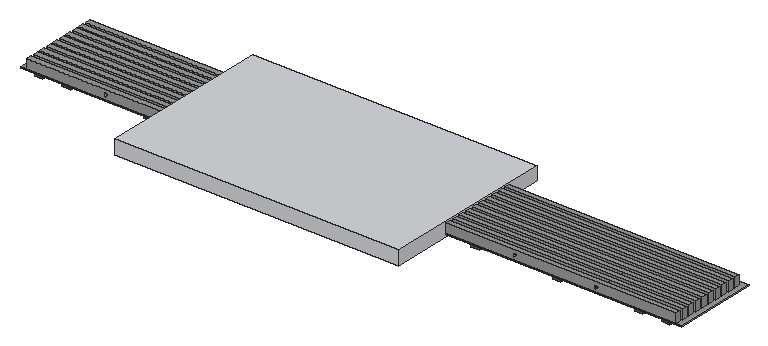
Revit family "1412-10, Solid", category Generic Models, host Face, Revit 2020
Family settings
  Host = Face
  Can host rebar = No
  Round Connector Dimension = Use Diameter
  Part Type = Normal
  Cut with Voids When Loaded = No
  Shared = No
  Room Calculation Point = No
Parameters
  min_value [instance] = 2' - 4"  # constant formula
  max_value [instance] = 11' - 11 1/4"  # constant formula
  actual_value [instance] = if(NET LENGTH < min_value, min_value, if(NET LENGTH > max_value, max_value, NET LENGTH))  # 7' - 11 1/4"
  SCRIM MATERIAL [instance] = SCRIM
  SCRIM APPEARANCE [instance] = yes
  NET LENGTH [instance] = 7' - 11 1/4"
  IMPORTANT NOTE!!!                                                                             *Backer & dowel layout is for visualization purposes only, final layout to be determined by 9Wood. [instance] = ""
  Default Elevation = 4' - 0"
  DOWEL RADIUS [instance] = 0' - 0 1/4"  # constant formula
  BACKER & DOWEL MATERIAL [instance] = BLACK-BACKERS
  .. MEMBER WIDTH [instance] = 0' - 0 3/4"  # constant formula
  .. MEMBER MATERIAL [instance] = Solid Western Hemlock
  .. MEMBER DEPTH [instance] = 0' - 1 3/8"  # constant formula
  .. MEMBER COUNT [instance] = 10  # constant formula
Reference planes (in)
  plane 1 "Center (Front/Back)": y = 0
  plane 2: z = 0
  plane 3 "Center (Left/Right)": x = 0
Forms (in)
  Extrusion 1, solid
    sketch origin (0, 0, 0) x (1, 0, 0) y (0, 1, 0)
      loop
        line (-24.24823, 14.63962) -> (-24.24823, -10.69266) -> (17.36192, -10.69266) -> (17.36192, 14.63962) -> (-24.24823, 14.63962)
    from 0 to 2.0625
Dimensions and locks (in)
  aligned and locked: plane 2 to Extrusion 1
Nested families (in)
  nested 1: "1400 series" at (-44.01308, -2.1224, 0.00189), NET LENGTH <- "actual_value", .. MEMBER DEPTH <- ".. MEMBER DEPTH", .. MEMBER WIDTH <- ".. MEMBER WIDTH", DOWEL RADIUS <- "DOWEL RADIUS", BACKER & DOWEL MATERIAL <- "BACKER & DOWEL MATERIAL", .. MEMBER MATERIAL <- ".. MEMBER MATERIAL", SCRIM MATERIAL <- "SCRIM MATERIAL", MEMBER COUNT <- ".. MEMBER COUNT", SCRIM APPEARANCE <- "SCRIM APPEARANCE", type "1400 series"
    with X 7' - 8", SCRIM MATERIAL SCRIM, SCRIM LENGTH 8' - 1", SCRIM APPEARANCE yes, SCRIM 2 0' - 0 7/8", SCRIM 1 0' - 0 3/32", OC TYP 1' - 0", NET LENGTH 7' - 11 1/4", N 8, MEMBER COUNT 10, INSET 2 0' - 0 3/16", INSET 0' - 1", HALF MEMBER WIDTH 0' - 0 3/8", END BACKER yes, DOWEL RADIUS 0' - 0 1/4", DOWEL INDEX 0' - 11 5/8", DOWEL COUNT 7, BACKING M COUNT 8, BACKER WIDTH 0' - 1 1/4", BACKER INDEX 0' - 5 5/8", BACKER DEPTH 0' - 0 1/2", BACKER & DOWEL MATERIAL BLACK-BACKERS, BACKER &  DOWEL LENGTH 0' - 11 7/8", .. MEMBER WIDTH 0' - 0 3/4", .. MEMBER OC TYP 0' - 1.2", .. MEMBER MATERIAL Solid Western Hemlock, .. MEMBER DEPTH 0' - 1 3/8"
Definition of nested family "1400 series"
  Parameters (values of type "1400 series")
    X [instance] = NET LENGTH - 0' 3 1/4"  # 7' - 2"
    SCRIM MATERIAL [instance] = none
    SCRIM APPEARANCE [instance] = yes
    SCRIM 2 [instance] = 0' - 0 7/8"  # constant formula
    SCRIM 1 [instance] = 0' - 0 3/32"  # constant formula
    OC TYP [instance] = 1' - 0"  # constant formula
    N [instance] = if((X - (rounddown(X / 1' 0") * 1' 0")) > 1' 0", rounddown(X / 1' 0") + 2, rounddown(X / 1' 0") + 1)  # 8
    MEMBER COUNT [instance] = 2
    INSET 5 = 0' - 0 11/16"  # constant formula
    INSET 2 [instance] = 0' - 0 3/16"  # constant formula
    INSET [instance] = 0' - 1"  # constant formula
    END BACKER [instance] = BACKER INDEX > 0' 3 5/8"  # no
    HALF MEMBER WIDTH [instance] = .. MEMBER WIDTH / 2  # 0' - 1 1/8"
    Default Elevation = 0' - 0"
    DOWEL RADIUS [instance] = 0' - 0 1/4"
    DOWEL INDEX [instance] = BACKER INDEX + 0' 6"  # 0' - 8 5/8"
    DOWEL COUNT [instance] = N - 1  # 7
    BACKER WIDTH [instance] = 0' - 1 1/4"  # constant formula
    BACKER INDEX [instance] = (NET LENGTH - ((N - 1) * 1' 0")) / 2  # 0' - 2 5/8"
    BACKER DEPTH [instance] = 0' - 0 1/2"  # constant formula
    BACKING M COUNT [instance] = N  # 8
    BACKER & DOWEL MATERIAL [instance] = none
    BACKER &  DOWEL LENGTH [instance] = 0' - 11 7/8"  # constant formula
    SCRIM LENGTH [instance] = NET LENGTH + (SCRIM 2 * 2)  # 7' - 7"
    .. MEMBER WIDTH [instance] = 0' - 2 1/4"
    .. MEMBER OC TYP [instance] = 1' 0" / MEMBER COUNT  # 0' - 6"
    .. MEMBER MATERIAL [instance] = none
    NET LENGTH [instance] = 7' - 5 1/4"
    .. MEMBER DEPTH [instance] = 0' - 4"
  Reference planes (in)
    plane 1 "Center (Front/Back)": y = 0
    plane 2: z = 0
    plane 3 "Center (Left/Right)": x = 0
    plane 4: x = 89.25
    plane 5: x = 1
    plane 6: x = 88.25
    plane 7: x = 2.625
    plane 8: x = 8.625
    plane 9: x = 14.625
    plane 10: x = 20.625
    plane 11: y = 0.1875
    plane 12: y = 1.125
    plane 13: y = 7.125
    plane 14: y = 12.0625
    plane 15: x = 90.125
    plane 16: x = -0.875
    plane 17: y = 12.15625
    plane 18: y = -0.09375
    plane 19: z = 2.7097
    plane 20: z = 0.49811
    plane 21: z = 0.56061
    plane 22: z = 1.24811
  Lines and regions (in)
    model lines, not visible
      curve 1: line (8.625, 0, 0.99811) -> (8.625, 0, 1.49811)
      curve 2: line (8.625, 0, 1.49811) -> (8.375, 0, 1.24811)
      curve 3: line (8.375, 0, 1.24811) -> (8.875, 0, 1.24811)
      curve 4: line (20.625, 0, 0.99811) -> (20.625, 0, 1.49811)
      curve 5: line (20.625, 0, 1.49811) -> (20.375, 0, 1.24811)
      curve 6: line (20.375, 0, 1.24811) -> (20.875, 0, 1.24811)
      curve 7: line (32.625, 0, 0.99811) -> (32.625, 0, 1.49811)
      curve 8: line (32.625, 0, 1.49811) -> (32.375, 0, 1.24811)
      curve 9: line (32.375, 0, 1.24811) -> (32.875, 0, 1.24811)
      curve 10: line (44.625, 0, 0.99811) -> (44.625, 0, 1.49811)
      curve 11: line (44.625, 0, 1.49811) -> (44.375, 0, 1.24811)
      curve 12: line (44.375, 0, 1.24811) -> (44.875, 0, 1.24811)
      curve 13: line (56.625, 0, 0.99811) -> (56.625, 0, 1.49811)
      curve 14: line (56.625, 0, 1.49811) -> (56.375, 0, 1.24811)
      curve 15: line (56.375, 0, 1.24811) -> (56.875, 0, 1.24811)
      curve 16: line (68.625, 0, 0.99811) -> (68.625, 0, 1.49811)
      curve 17: line (68.625, 0, 1.49811) -> (68.375, 0, 1.24811)
      curve 18: line (68.375, 0, 1.24811) -> (68.875, 0, 1.24811)
      curve 19: line (80.625, 0, 0.99811) -> (80.625, 0, 1.49811)
      curve 20: line (80.625, 0, 1.49811) -> (80.375, 0, 1.24811)
      curve 21: line (80.375, 0, 1.24811) -> (80.875, 0, 1.24811)
  Dimensions and locks (in)
    "INSET": plane 3 "Center (Left/Right)" to plane 5
    "NET LENGTH": plane 3 "Center (Left/Right)" to plane 4
    "INSET": plane 6 to plane 4
    "BACKER INDEX": plane 3 "Center (Left/Right)" to plane 7
    "DOWEL INDEX": plane 3 "Center (Left/Right)" to plane 8
    "OC TYP": plane 7 to plane 9
    "OC TYP": plane 8 to plane 10
    "INSET 2": plane 1 "Center (Front/Back)" to plane 11
    equal spacing: group 1, group 2, group 5, group 6, group 7, group 13, group 14, group 16  (x3)
    equal spacing: group 3, group 4, group 8, group 9, group 10, group 15, group 17  (x3)
    group 11 to group 12 = 0' - 0"  (x2)
    group 11 to group 12 = 0' - 6"
    ".. MEMBER OC TYP": plane 13 to plane 12
    "HALF MEMBER WIDTH": plane 1 "Center (Front/Back)" to plane 12
    "SCRIM 2": plane 16 to plane 3 "Center (Left/Right)"
    "SCRIM 2": plane 4 to plane 15
    "SCRIM 1": plane 18 to plane 1 "Center (Front/Back)"
    "SCRIM 1": plane 17 to plane 14
    "INSET 5": plane 22 to plane 21
    aligned and locked: level to plane 2
    aligned and locked: plane 7 to nested 2
    aligned and locked: plane 5 to nested 1
    aligned and locked: plane 9 to nested 3
    aligned and locked: nested 1 to plane 5
    aligned and locked: nested 2 to plane 11
    aligned and locked: nested 1 to plane 11
    aligned and locked: nested 3 to plane 11
    aligned and locked: nested 4 to plane 11  (x2)
    aligned and locked: plane 10 to nested 5
    aligned and locked: plane 6 to nested 12
    aligned and locked: nested 5 to plane 11
    aligned and locked: plane 11 to nested 12
    aligned and locked: plane 12 to nested 13
    aligned and locked: nested 14 to plane 13
    aligned and locked: plane 14 to nested 8
    aligned and locked: plane 16 to nested 15
    aligned and locked: nested 15 to plane 18
    aligned and locked: nested 15 to plane 17
    aligned and locked: nested 15 to plane 16  (x2)
    aligned and locked: nested 1 to level
    aligned and locked: level to nested 3
    aligned and locked: plane 20 to nested 2
    aligned and locked: plane 20 to nested 1
    aligned and locked: plane 20 to nested 3
    aligned and locked: nested 12 to plane 20
    aligned and locked: nested 15 to plane 20
    aligned and locked: plane 21 to nested 15
    aligned and locked: nested 13 to plane 21
    aligned and locked: plane 22 to nested 4
    aligned and locked: plane 22 to nested 5
    aligned and locked: nested 13 to plane 8
    aligned and locked: plane 10 to nested 13
    aligned and locked: curve 1 to nested 13
    aligned and locked: nested 13 to curve 4
  Automatic sketch dimensions
    curve 3 to curve 1 = 0' - 0 1/4"  (x2)
    curve 1 to curve 3 = 0' - 0 1/4"
    curve 1 to curve 2 = 0' - 0 1/4"
    curve 6 to curve 4 = 0' - 0 1/4"  (x2)
    curve 4 to curve 6 = 0' - 0 1/4"
    curve 4 to curve 5 = 0' - 0 1/4"
    curve 9 to curve 7 = 0' - 0 1/4"  (x2)
    curve 7 to curve 9 = 0' - 0 1/4"
    curve 7 to curve 8 = 0' - 0 1/4"
    curve 12 to curve 10 = 0' - 0 1/4"  (x2)
    curve 10 to curve 12 = 0' - 0 1/4"
    curve 10 to curve 11 = 0' - 0 1/4"
    curve 15 to curve 13 = 0' - 0 1/4"  (x2)
    curve 13 to curve 15 = 0' - 0 1/4"
    curve 13 to curve 14 = 0' - 0 1/4"
    curve 18 to curve 16 = 0' - 0 1/4"  (x2)
    curve 16 to curve 18 = 0' - 0 1/4"
    curve 16 to curve 17 = 0' - 0 1/4"
    curve 21 to curve 19 = 0' - 0 1/4"  (x2)
    curve 19 to curve 21 = 0' - 0 1/4"
    curve 19 to curve 20 = 0' - 0 1/4"
  Nested families (in)
    nested 1: "INSTANCE - 3RD -  EXTEND BOTH SIDES - Parametric Cube.0001" at (1, 0.1875, 0.49811), Length <- "BACKER &  DOWEL LENGTH", Width <- "BACKER WIDTH", Height <- "BACKER DEPTH", Material <- "BACKER & DOWEL MATERIAL", visible <- "END BACKER", type "INSTANCE - 3RD -  EXTEND BOTH SIDES - Parametric Cube.0001"
      with Width 0' - 1 1/4", Material none, Length 0' - 11 7/8", Height 0' - 0 1/2"
    nested 2: "INSTANCE - 2ND -  EXTEND SIDE H CENTER W - Parametric Cube.0001" at (2.625, 0.1875, 0.49811), Width <- "BACKER WIDTH", Length <- "BACKER &  DOWEL LENGTH", Height <- "BACKER DEPTH", Material <- "BACKER & DOWEL MATERIAL", type "INSTANCE - 2ND -  EXTEND SIDE H CENTER W - Parametric Cube.0001"
      with Width 0' - 1 1/4", Material none, Length 0' - 11 7/8", Height 0' - 0 1/2"
    nested 3: "INSTANCE - 2ND -  EXTEND SIDE H CENTER W - Parametric Cube.0001" at (14.625, 0.1875, 0.49811), Width <- "BACKER WIDTH", Length <- "BACKER &  DOWEL LENGTH", Height <- "BACKER DEPTH", Material <- "BACKER & DOWEL MATERIAL", type "INSTANCE - 2ND -  EXTEND SIDE H CENTER W - Parametric Cube.0001"
      with Width 0' - 1 1/4", Material none, Length 0' - 11 7/8", Height 0' - 0 1/2"
    nested 4: "DOWEL" at (-1.375, 0.1875, 1.24811), DOWEL LENGTH <- "BACKER &  DOWEL LENGTH", DOWEL RADII <- "DOWEL RADIUS", BACKING MEM MATERIAL <- "BACKER & DOWEL MATERIAL", type "DOWEL"
      with DOWEL RADII 0' - 0 1/4", DOWEL LENGTH 0' - 11 7/8", BACKING MEM MATERIAL none
    nested 5: "DOWEL" at (10.625, 0.1875, 1.24811), DOWEL LENGTH <- "BACKER &  DOWEL LENGTH", DOWEL RADII <- "DOWEL RADIUS", BACKING MEM MATERIAL <- "BACKER & DOWEL MATERIAL", type "DOWEL"
      with DOWEL RADII 0' - 0 1/4", DOWEL LENGTH 0' - 11 7/8", BACKING MEM MATERIAL none
    nested 6: "INSTANCE - 2ND -  EXTEND SIDE H CENTER W - Parametric Cube.0001" at (26.625, 0.1875, 0.49811), Width <- "BACKER WIDTH", Length <- "BACKER &  DOWEL LENGTH", Height <- "BACKER DEPTH", Material <- "BACKER & DOWEL MATERIAL", type "INSTANCE - 2ND -  EXTEND SIDE H CENTER W - Parametric Cube.0001"
      with Width 0' - 1 1/4", Material none, Length 0' - 11 7/8", Height 0' - 0 1/2"
    nested 7: "INSTANCE - 2ND -  EXTEND SIDE H CENTER W - Parametric Cube.0001" at (38.625, 0.1875, 0.49811), Width <- "BACKER WIDTH", Length <- "BACKER &  DOWEL LENGTH", Height <- "BACKER DEPTH", Material <- "BACKER & DOWEL MATERIAL", type "INSTANCE - 2ND -  EXTEND SIDE H CENTER W - Parametric Cube.0001"
      with Width 0' - 1 1/4", Material none, Length 0' - 11 7/8", Height 0' - 0 1/2"
    nested 8: "INSTANCE - 2ND -  EXTEND SIDE H CENTER W - Parametric Cube.0001" at (50.625, 0.1875, 0.49811), Width <- "BACKER WIDTH", Length <- "BACKER &  DOWEL LENGTH", Height <- "BACKER DEPTH", Material <- "BACKER & DOWEL MATERIAL", type "INSTANCE - 2ND -  EXTEND SIDE H CENTER W - Parametric Cube.0001"
      with Width 0' - 1 1/4", Material none, Length 0' - 11 7/8", Height 0' - 0 1/2"
    nested 9: "DOWEL" at (22.625, 0.1875, 1.24811), DOWEL LENGTH <- "BACKER &  DOWEL LENGTH", DOWEL RADII <- "DOWEL RADIUS", BACKING MEM MATERIAL <- "BACKER & DOWEL MATERIAL", type "DOWEL"
      with DOWEL RADII 0' - 0 1/4", DOWEL LENGTH 0' - 11 7/8", BACKING MEM MATERIAL none
    nested 10: "DOWEL" at (34.625, 0.1875, 1.24811), DOWEL LENGTH <- "BACKER &  DOWEL LENGTH", DOWEL RADII <- "DOWEL RADIUS", BACKING MEM MATERIAL <- "BACKER & DOWEL MATERIAL", type "DOWEL"
      with DOWEL RADII 0' - 0 1/4", DOWEL LENGTH 0' - 11 7/8", BACKING MEM MATERIAL none
    nested 11: "DOWEL" at (46.625, 0.1875, 1.24811), DOWEL LENGTH <- "BACKER &  DOWEL LENGTH", DOWEL RADII <- "DOWEL RADIUS", BACKING MEM MATERIAL <- "BACKER & DOWEL MATERIAL", type "DOWEL"
      with DOWEL RADII 0' - 0 1/4", DOWEL LENGTH 0' - 11 7/8", BACKING MEM MATERIAL none
    nested 12: "INSTANCE - 3RD -  EXTEND BOTH SIDES - Parametric Cube.0001" at (88.25, 0.1875, 0.49811) x (-1, 0, 0) z (0, 0, 1), Width <- "BACKER WIDTH", Length <- "BACKER &  DOWEL LENGTH", Height <- "BACKER DEPTH", Material <- "BACKER & DOWEL MATERIAL", visible <- "END BACKER", type "INSTANCE - 3RD -  EXTEND BOTH SIDES - Parametric Cube.0001"
      with Width 0' - 1 1/4", Material none, Length 0' - 11 7/8", Height 0' - 0 1/2"
    nested 13: "HOLED MEMBER" at (0, -9.75, 8.12965), DOWEL INDEX <- "DOWEL INDEX", .. MEMBER LENGTH <- "NET LENGTH", .. MEMBER WIDTH <- ".. MEMBER WIDTH", DOWEL OC DIST <- "OC TYP", DOWEL RADII <- "DOWEL RADIUS", Material <- ".. MEMBER MATERIAL", DEPTH <- ".. MEMBER DEPTH", DOWEL COUNT <- "DOWEL COUNT", Space <- "INSET 5", type "HOLED MEMBER"
      with Space 0' - 0 11/16", Material none, Height 0' - 10.43096", HALF MEMBER WIDTH 0' - 1 1/8", DOWEL RADII 0' - 0 1/4", DOWEL OC DIST 1' - 0", DOWEL INDEX 0' - 8 5/8", DOWEL COUNT 7, DEPTH 0' - 4", .. MEMBER WIDTH 0' - 2 1/4", .. MEMBER LENGTH 7' - 5 1/4"
    nested 14: "HOLED MEMBER" at (0, -3.75, 8.12965), DOWEL INDEX <- "DOWEL INDEX", .. MEMBER LENGTH <- "NET LENGTH", .. MEMBER WIDTH <- ".. MEMBER WIDTH", DOWEL OC DIST <- "OC TYP", DOWEL RADII <- "DOWEL RADIUS", Material <- ".. MEMBER MATERIAL", DEPTH <- ".. MEMBER DEPTH", DOWEL COUNT <- "DOWEL COUNT", Space <- "INSET 5", type "HOLED MEMBER"
      with Space 0' - 0 11/16", Material none, Height 0' - 10.43096", HALF MEMBER WIDTH 0' - 1 1/8", DOWEL RADII 0' - 0 1/4", DOWEL OC DIST 1' - 0", DOWEL INDEX 0' - 8 5/8", DOWEL COUNT 7, DEPTH 0' - 4", .. MEMBER WIDTH 0' - 2 1/4", .. MEMBER LENGTH 7' - 5 1/4"
    nested 15: "INSTANCE - 3RD -  EXTEND BOTH SIDES - Parametric Cube.0001" at (-0.875, -0.09375, 0.56061), Width <- "SCRIM LENGTH", Material <- "SCRIM MATERIAL", visible <- "SCRIM APPEARANCE", type "INSTANCE - 3RD -  EXTEND BOTH SIDES - Parametric Cube.0001"
      with Width 7' - 7", Material none, Length 1' - 0 1/4", Height 0' - 0 1/16"
    nested 16: "INSTANCE - 2ND -  EXTEND SIDE H CENTER W - Parametric Cube.0001" at (62.625, 0.1875, 0.49811), Width <- "BACKER WIDTH", Length <- "BACKER &  DOWEL LENGTH", Height <- "BACKER DEPTH", Material <- "BACKER & DOWEL MATERIAL", type "INSTANCE - 2ND -  EXTEND SIDE H CENTER W - Parametric Cube.0001"
      with Width 0' - 1 1/4", Material none, Length 0' - 11 7/8", Height 0' - 0 1/2"
    nested 17: "INSTANCE - 2ND -  EXTEND SIDE H CENTER W - Parametric Cube.0001" at (74.625, 0.1875, 0.49811), Width <- "BACKER WIDTH", Length <- "BACKER &  DOWEL LENGTH", Height <- "BACKER DEPTH", Material <- "BACKER & DOWEL MATERIAL", type "INSTANCE - 2ND -  EXTEND SIDE H CENTER W - Parametric Cube.0001"
      with Width 0' - 1 1/4", Material none, Length 0' - 11 7/8", Height 0' - 0 1/2"
    nested 18: "DOWEL" at (58.625, 0.1875, 1.24811), DOWEL LENGTH <- "BACKER &  DOWEL LENGTH", DOWEL RADII <- "DOWEL RADIUS", BACKING MEM MATERIAL <- "BACKER & DOWEL MATERIAL", type "DOWEL"
      with DOWEL RADII 0' - 0 1/4", DOWEL LENGTH 0' - 11 7/8", BACKING MEM MATERIAL none
    nested 19: "INSTANCE - 2ND -  EXTEND SIDE H CENTER W - Parametric Cube.0001" at (86.625, 0.1875, 0.49811), Width <- "BACKER WIDTH", Length <- "BACKER &  DOWEL LENGTH", Height <- "BACKER DEPTH", Material <- "BACKER & DOWEL MATERIAL", type "INSTANCE - 2ND -  EXTEND SIDE H CENTER W - Parametric Cube.0001"
      with Width 0' - 1 1/4", Material none, Length 0' - 11 7/8", Height 0' - 0 1/2"
    nested 20: "DOWEL" at (70.625, 0.1875, 1.24811), DOWEL LENGTH <- "BACKER &  DOWEL LENGTH", DOWEL RADII <- "DOWEL RADIUS", BACKING MEM MATERIAL <- "BACKER & DOWEL MATERIAL", type "DOWEL"
      with DOWEL RADII 0' - 0 1/4", DOWEL LENGTH 0' - 11 7/8", BACKING MEM MATERIAL none
  Definition of nested family "INSTANCE - 3RD -  EXTEND BOTH SIDES - Parametric Cube.0001"
    Parameters (values of type "INSTANCE - 3RD -  EXTEND BOTH SIDES - Parametric Cube.0001")
      Width [instance] = 0' - 6"
      Material [instance] = none
      Length [instance] = 1' - 0"
      Height [instance] = 1' - 6"
      Default Elevation = 0' - 0"
    Reference planes (in)
      plane 1 "Center (Front/Back)": y = 0
      plane 2: z = 0
      plane 3 "Center (Left/Right)": x = 0
      plane 4: x = 6
      plane 5: y = 12
      plane 6: z = -18
    Forms (in)
      Extrusion 1, solid, material <- "Material"
        sketch origin (0, 6, 0) x (1, 0, 0) y (0, 1, 0)
          loop
            line (0, 6) -> (0, -6) -> (6, -6) -> (6, 6) -> (0, 6)
        from -18 to 0
    Dimensions and locks (in)
      "Height": plane 6 to level
      "Length": plane 1 "Center (Front/Back)" to plane 5
      "Width": plane 3 "Center (Left/Right)" to plane 4
      aligned and locked: plane 2 to level
      aligned and locked: Extrusion 1 sketch curve to plane 4
      aligned and locked: Extrusion 1 to plane 6
      aligned and locked: plane 5 to Extrusion 1
      aligned and locked: Extrusion 1 to plane 3 "Center (Left/Right)"
    Automatic sketch dimensions
      plane 1 "Center (Front/Back)" to Extrusion 1 sketch curve = 0' - 0"
      plane 5 to Extrusion 1 sketch curve = 0' - 0"
      Extrusion 1 sketch curve to plane 3 "Center (Left/Right)" = 0' - 0"
  Definition of nested family "INSTANCE - 2ND -  EXTEND SIDE H CENTER W - Parametric Cube.0001"
    Parameters (values of type "INSTANCE - 2ND -  EXTEND SIDE H CENTER W - Parametric Cube.0001")
      Width [instance] = 0' - 6"
      Material [instance] = none
      Length [instance] = 1' - 0"
      Height [instance] = 1' - 6"
      Default Elevation = 0' - 0"
    Reference planes (in)
      plane 1 "Center (Front/Back)": y = 0
      plane 2: z = 0
      plane 3 "Center (Left/Right)": x = 0
      plane 4: x = -3
      plane 5: x = 3
      plane 6: y = 12
      plane 7: z = -18
    Forms (in)
      Extrusion 1, solid, material <- "Material"
        sketch origin (0, 6, 0) x (1, 0, 0) y (0, 1, 0)
          loop
            line (-3, 6) -> (-3, -6) -> (3, -6) -> (3, 6) -> (-3, 6)
        from -18 to 0
    Dimensions and locks (in)
      equal spacing: plane 4, plane 3 "Center (Left/Right)", plane 5
      "Width": plane 4 to plane 5
      "Height": plane 7 to level
      "Length": plane 1 "Center (Front/Back)" to plane 6
      aligned and locked: plane 2 to level
      aligned and locked: plane 4 to Extrusion 1 sketch curve
      aligned and locked: Extrusion 1 sketch curve to plane 5
      aligned and locked: Extrusion 1 to plane 7
      aligned and locked: plane 6 to Extrusion 1
    Automatic sketch dimensions
      plane 1 "Center (Front/Back)" to Extrusion 1 sketch curve = 0' - 0"
      plane 6 to Extrusion 1 sketch curve = 0' - 0"
  Definition of nested family "DOWEL"
    Parameters (values of type "DOWEL")
      Default Elevation = 0' - 0"
      DOWEL RADII [instance] = 0' - 0 5/8"
      DOWEL LENGTH [instance] = 1' - 0"
      BACKING MEM MATERIAL [instance] = none
    Reference planes (in)
      plane 1 "Center (Front/Back)": y = 0
      plane 2: z = 0
      plane 3 "Center (Left/Right)": x = 0
      plane 4: y = 12
    Forms (in)
      Extrusion 1, solid, material <- "BACKING MEM MATERIAL"
        sketch origin (10, 0, 0) x (1, 0, 0) y (0, 0, 1)
          loop
            circle (0, 0) r 0.625
        from 0 to -12
      Extrusion 2, solid, not visible
        sketch origin (0, 0, 0) x (1, 0, 0) y (0, 0, 1)
          loop
            circle (0, 0) r 0.625
        from 0 to 12
      Extrusion 3, solid, not visible
        sketch origin (10, 0, 0) x (1, 0, 0) y (0, 0, 1)
          loop
            circle (0, 0) r 0.625
        from 0 to 2.5
      Extrusion 4, solid, not visible
        sketch origin (10, 0, 0) x (1, 0, 0) y (0, 0, 1)
          loop
            circle (0, 0) r 0.625
        from 0 to -12
    Lines and regions (in)
      model lines, not visible
        curve 1: line (-13, 0, 0) -> (-13, -12, 0)
        curve 2: line (13, 0, 0) -> (13, -12, 0)
        curve 3: line (9.89453, 0, 0) -> (10.08794, 0, 0)
        curve 4: line (9.89453, -2.5, 0) -> (10.08794, -2.5, 0)
        curve 6: line (10, 0, 0) -> (10, 2, 0)
      model lines
        curve 5: line (10, 0, 0) -> (10, 2, 0)
    Dimensions and locks (in)
      "DOWEL LENGTH": plane 1 "Center (Front/Back)" to plane 4
      "DOWEL RADII": radius of Extrusion 1 sketch curve
      "DOWEL RADII": radius of Extrusion 2 sketch curve
      "DOWEL RADII": radius of Extrusion 3 sketch curve
      "DOWEL RADII": radius of Extrusion 4 sketch curve
      "DOWEL RADII": radius of Extrusion 1
      aligned and locked: plane 2 to level
      aligned and locked: Extrusion 1 to plane 1 "Center (Front/Back)"  (x3)
      aligned and locked: plane 1 "Center (Front/Back)" to Extrusion 1
      aligned and locked: plane 4 to Extrusion 1
    Automatic sketch dimensions
      plane 1 "Center (Front/Back)" to curve 5 = 0' - 0"
      curve 5 to plane 1 "Center (Front/Back)" = 0' - 2"
      plane 3 "Center (Left/Right)" to curve 5 = 0' - 10"
      Extrusion 1 sketch curve to level = 0' - 0"
      plane 3 "Center (Left/Right)" to Extrusion 1 sketch curve = 0' - 10"
  Definition of nested family "HOLED MEMBER"
    Parameters (values of type "HOLED MEMBER")
      Space [instance] = 0' - 0 5/8"
      Material [instance] = none
      Height [instance] = 0' - 10.43096"
      HALF MEMBER WIDTH [instance] = .. MEMBER WIDTH / 2  # 0' - 0 5/16"
      Default Elevation = 0' - 0"
      DOWEL RADII [instance] = 0' - 0.34537"
      DOWEL OC DIST [instance] = 1' - 0"
      DOWEL INSET = 0' - 0 5/8"
      DOWEL INDEX [instance] = 0' - 5 5/8"
      DOWEL COUNT [instance] = 6
      DEPTH [instance] = 0' - 2"
      .. MEMBER WIDTH [instance] = 0' - 0 5/8"
      .. MEMBER LENGTH [instance] = 5' - 11 3/4"
    Reference planes (in)
      plane 1 "Center (Front/Back)": y = 12
      plane 2: z = -7.56904
      plane 3 "Center (Left/Right)": x = 0
      plane 4: x = 5.625
      plane 5: x = 17.625
      plane 6: y = 11.375
      plane 7: x = 71.75
      plane 8: y = 11.6875
      plane 9: z = -6.94404
      plane 10: z = -5.56904
    Forms (in)
      Extrusion 1, solid, material <- "Material"
        sketch origin (0, 12, -13.56904) x (1, 0, 0) y (0, 0, 1)
          loop
            line (0, 6) -> (71.75, 6) -> (71.75, 8) -> (0, 8) -> (0, 6)
        from 0.625 to 0
      Extrusion 2, void
        sketch origin (0, 12, -18.31904) x (1, 0, 0) y (0, 0, 1)
          loop
            circle (5.625, 11.375) r 0.34537
        from 0 to 12
      Extrusion 3, void, not visible
        sketch origin (0, 0, 0) x (1, 0, 0) y (0, 1, 0)
          loop
            circle (5.625, 11.375) r 0.34537
        from 0 to 12
      Extrusion 4, void, not visible
        sketch origin (0, 0, 0) x (1, 0, 0) y (0, 1, 0)
          loop
            circle (5.625, 11.375) r 0.34537
        from 0 to 12
      Extrusion 5, void, not visible
        sketch origin (12, 0, 0) x (1, 0, 0) y (0, 1, 0)
          loop
            circle (5.625, 11.375) r 0.34537
        from 0 to 12
      Extrusion 6, void, not visible
        sketch origin (0, 12, -17.56904) x (1, 0, 0) y (0, 0, 1)
          loop
            circle (5.625, 11.375) r 0.34537
        from 0 to 12
      Extrusion 7, void, not visible
        sketch origin (12, 12, -17.56904) x (1, 0, 0) y (0, 0, 1)
          loop
            circle (5.625, 11.375) r 0.34537
        from 0 to 12
      Extrusion 8, void, not visible
        sketch origin (0, 12, -19.56904) x (1, 0, 0) y (0, 0, 1)
          loop
            circle (5.625, 11.375) r 0.34537
        from 0 to 12
      Extrusion 9, void
        sketch origin (12, 12, -18.31904) x (1, 0, 0) y (0, 0, 1)
          loop
            circle (5.625, 11.375) r 0.34537
        from 0 to 12
      Extrusion 10, void
        sketch origin (24, 12, -18.31904) x (1, 0, 0) y (0, 0, 1)
          loop
            circle (5.625, 11.375) r 0.34537
        from 0 to 12
      Extrusion 11, void
        sketch origin (36, 12, -18.31904) x (1, 0, 0) y (0, 0, 1)
          loop
            circle (5.625, 11.375) r 0.34537
        from 0 to 12
      Extrusion 12, void
        sketch origin (48, 12, -18.31904) x (1, 0, 0) y (0, 0, 1)
          loop
            circle (5.625, 11.375) r 0.34537
        from 0 to 12
      Extrusion 13, void
        sketch origin (60, 12, -18.31904) x (1, 0, 0) y (0, 0, 1)
          loop
            circle (5.625, 11.375) r 0.34537
        from 0 to 12
      Extrusion 14, void, not visible
        sketch origin (24, 12, -17.56904) x (1, 0, 0) y (0, 0, 1)
          loop
            circle (5.625, 11.375) r 0.34537
        from 0 to 12
      Extrusion 15, void, not visible
        sketch origin (36, 12, -17.56904) x (1, 0, 0) y (0, 0, 1)
          loop
            circle (5.625, 11.375) r 0.34537
        from 0 to 12
      Extrusion 16, void, not visible
        sketch origin (48, 12, -17.56904) x (1, 0, 0) y (0, 0, 1)
          loop
            circle (5.625, 11.375) r 0.34537
        from 0 to 12
      Extrusion 17, void, not visible
        sketch origin (60, 12, -17.56904) x (1, 0, 0) y (0, 0, 1)
          loop
            circle (5.625, 11.375) r 0.34537
        from 0 to 12
      Extrusion 18, void, not visible
        sketch origin (24, 0, 0) x (1, 0, 0) y (0, 1, 0)
          loop
            circle (5.625, 11.375) r 0.34537
        from 0 to 12
      Extrusion 19, void, not visible
        sketch origin (36, 0, 0) x (1, 0, 0) y (0, 1, 0)
          loop
            circle (5.625, 11.375) r 0.34537
        from 0 to 12
      Extrusion 20, void, not visible
        sketch origin (48, 0, 0) x (1, 0, 0) y (0, 1, 0)
          loop
            circle (5.625, 11.375) r 0.34537
        from 0 to 12
      Extrusion 21, void, not visible
        sketch origin (60, 0, 0) x (1, 0, 0) y (0, 1, 0)
          loop
            circle (5.625, 11.375) r 0.34537
        from 0 to 12
    Cuts and joins
      Extrusion 2, Extrusion 9, Extrusion 10, Extrusion 11, Extrusion 12, Extrusion 13 cuts Extrusion 1
    Lines and regions (in)
      model lines, not visible
        curve 1: line (5.625, 11.72037, 0) -> (5.625, 11.02963, 0)
        curve 2: line (5.625, 11.72037, 0) -> (5.625, 11.02963, 0)
        curve 3: line (17.625, 11.72037, 0) -> (17.625, 11.02963, 0)
        curve 4: line (5.625, 12, -7.56904) -> (5.625, 11.87317, -7.56904)
        curve 5: line (5.625, 11.87317, -7.56904) -> (5.06195, 11.87317, -7.56904)
        curve 6: line (5.06195, 11.87317, -7.56904) -> (5.27963, 11.375, -7.56904)
        curve 7: line (0, 12, -6.19404) -> (0, 11.61951, -6.19404)
        curve 9: line (0, 11.375, -8.19404) -> (0, 11.6747, -8.19404)
        curve 10: line (5.625, 12, -7.56904) -> (5.625, 11.69863, -7.56904)
        curve 11: line (5.625, 12, -7.56904) -> (5.625, 11.69863, -7.56904)
        curve 12: line (5.625, 10.75, 0) -> (5.625, 10.75, 0.30137)
        curve 13: line (5.625, 10.75, 0) -> (5.625, 10.75, 0.30137)
        curve 14: line (17.625, 10.75, 0) -> (17.625, 10.75, 0.30137)
        curve 15: line (5.625, 12, -6.81904) -> (5.625, 11.69863, -6.81904)
        curve 16: line (17.625, 12, -6.81904) -> (17.625, 11.69863, -6.81904)
        curve 17: line (5.625, 12, -8.81904) -> (5.625, 11.69863, -8.81904)
        curve 18: line (17.625, 12, -7.56904) -> (17.625, 11.69863, -7.56904)
        curve 19: line (29.625, 12, -7.56904) -> (29.625, 11.69863, -7.56904)
        curve 20: line (41.625, 12, -7.56904) -> (41.625, 11.69863, -7.56904)
        curve 21: line (53.625, 12, -7.56904) -> (53.625, 11.69863, -7.56904)
        curve 22: line (65.625, 12, -7.56904) -> (65.625, 11.69863, -7.56904)
        curve 23: line (29.625, 12, -6.81904) -> (29.625, 11.69863, -6.81904)
        curve 24: line (41.625, 12, -6.81904) -> (41.625, 11.69863, -6.81904)
        curve 25: line (53.625, 12, -6.81904) -> (53.625, 11.69863, -6.81904)
        curve 26: line (65.625, 12, -6.81904) -> (65.625, 11.69863, -6.81904)
        curve 27: line (29.625, 11.72037, 0) -> (29.625, 11.02963, 0)
        curve 28: line (29.625, 10.75, 0) -> (29.625, 10.75, 0.30137)
        curve 29: line (41.625, 11.72037, 0) -> (41.625, 11.02963, 0)
        curve 30: line (41.625, 10.75, 0) -> (41.625, 10.75, 0.30137)
        curve 31: line (53.625, 11.72037, 0) -> (53.625, 11.02963, 0)
        curve 32: line (53.625, 10.75, 0) -> (53.625, 10.75, 0.30137)
        curve 33: line (65.625, 11.72037, 0) -> (65.625, 11.02963, 0)
        curve 34: line (65.625, 10.75, 0) -> (65.625, 10.75, 0.30137)
        curve 35: line (5.27963, 12, -6.94404) -> (5.97037, 12, -6.94404)
        curve 36: line (5.97037, 12, -6.94404) -> (5.625, 12, -6.59867)
        curve 37: line (5.625, 12, -6.59867) -> (5.625, 12, -7.28941)
        curve 38: line (5.27963, 11.375, 0) -> (5.97037, 11.375, 0)
        curve 39: line (5.97037, 11.375, 0) -> (5.625, 11.72037, 0)
        curve 40: line (5.625, 11.72037, 0) -> (5.625, 11.02963, 0)
        curve 41: line (5.27963, 11.375, 0) -> (5.97037, 11.375, 0)
        curve 42: line (5.97037, 11.375, 0) -> (5.625, 11.72037, 0)
        curve 43: line (5.625, 11.72037, 0) -> (5.625, 11.02963, 0)
        curve 44: line (17.27963, 11.375, 0) -> (17.97037, 11.375, 0)
        curve 45: line (17.97037, 11.375, 0) -> (17.625, 11.72037, 0)
        curve 46: line (17.625, 11.72037, 0) -> (17.625, 11.02963, 0)
        curve 47: line (5.27963, 12, -6.19404) -> (5.97037, 12, -6.19404)
        curve 48: line (5.97037, 12, -6.19404) -> (5.625, 12, -5.84867)
        curve 49: line (5.625, 12, -5.84867) -> (5.625, 12, -6.53941)
        curve 50: line (17.27963, 12, -6.19404) -> (17.97037, 12, -6.19404)
        curve 51: line (17.97037, 12, -6.19404) -> (17.625, 12, -5.84867)
        curve 52: line (17.625, 12, -5.84867) -> (17.625, 12, -6.53941)
        curve 53: line (5.27963, 12, -8.19404) -> (5.97037, 12, -8.19404)
        curve 54: line (5.97037, 12, -8.19404) -> (5.625, 12, -7.84867)
        curve 55: line (5.625, 12, -7.84867) -> (5.625, 12, -8.53941)
        curve 56: line (17.27963, 12, -6.94404) -> (17.97037, 12, -6.94404)
        curve 57: line (17.97037, 12, -6.94404) -> (17.625, 12, -6.59867)
        curve 58: line (17.625, 12, -6.59867) -> (17.625, 12, -7.28941)
        curve 59: line (29.27963, 12, -6.94404) -> (29.97037, 12, -6.94404)
        curve 60: line (29.97037, 12, -6.94404) -> (29.625, 12, -6.59867)
        curve 61: line (29.625, 12, -6.59867) -> (29.625, 12, -7.28941)
        curve 62: line (41.27963, 12, -6.94404) -> (41.97037, 12, -6.94404)
        curve 63: line (41.97037, 12, -6.94404) -> (41.625, 12, -6.59867)
        curve 64: line (41.625, 12, -6.59867) -> (41.625, 12, -7.28941)
        curve 65: line (53.27963, 12, -6.94404) -> (53.97037, 12, -6.94404)
        curve 66: line (53.97037, 12, -6.94404) -> (53.625, 12, -6.59867)
        curve 67: line (53.625, 12, -6.59867) -> (53.625, 12, -7.28941)
        curve 68: line (65.27963, 12, -6.94404) -> (65.97037, 12, -6.94404)
        curve 69: line (65.97037, 12, -6.94404) -> (65.625, 12, -6.59867)
        curve 70: line (65.625, 12, -6.59867) -> (65.625, 12, -7.28941)
        curve 71: line (29.27963, 12, -6.19404) -> (29.97037, 12, -6.19404)
        curve 72: line (29.97037, 12, -6.19404) -> (29.625, 12, -5.84867)
        curve 73: line (29.625, 12, -5.84867) -> (29.625, 12, -6.53941)
        curve 74: line (41.27963, 12, -6.19404) -> (41.97037, 12, -6.19404)
        curve 75: line (41.97037, 12, -6.19404) -> (41.625, 12, -5.84867)
        curve 76: line (41.625, 12, -5.84867) -> (41.625, 12, -6.53941)
        curve 77: line (53.27963, 12, -6.19404) -> (53.97037, 12, -6.19404)
        curve 78: line (53.97037, 12, -6.19404) -> (53.625, 12, -5.84867)
        curve 79: line (53.625, 12, -5.84867) -> (53.625, 12, -6.53941)
        curve 80: line (65.27963, 12, -6.19404) -> (65.97037, 12, -6.19404)
        curve 81: line (65.97037, 12, -6.19404) -> (65.625, 12, -5.84867)
        curve 82: line (65.625, 12, -5.84867) -> (65.625, 12, -6.53941)
        curve 83: line (29.27963, 11.375, 0) -> (29.97037, 11.375, 0)
        curve 84: line (29.97037, 11.375, 0) -> (29.625, 11.72037, 0)
        curve 85: line (29.625, 11.72037, 0) -> (29.625, 11.02963, 0)
        curve 86: line (41.27963, 11.375, 0) -> (41.97037, 11.375, 0)
        curve 87: line (41.97037, 11.375, 0) -> (41.625, 11.72037, 0)
        curve 88: line (41.625, 11.72037, 0) -> (41.625, 11.02963, 0)
        curve 89: line (53.27963, 11.375, 0) -> (53.97037, 11.375, 0)
        curve 90: line (53.97037, 11.375, 0) -> (53.625, 11.72037, 0)
        curve 91: line (53.625, 11.72037, 0) -> (53.625, 11.02963, 0)
        curve 92: line (65.27963, 11.375, 0) -> (65.97037, 11.375, 0)
        curve 93: line (65.97037, 11.375, 0) -> (65.625, 11.72037, 0)
        curve 94: line (65.625, 11.72037, 0) -> (65.625, 11.02963, 0)
      model lines
        curve 8: line (5.625, 12, -7.56904) -> (5.625, 11.69863, -7.56904)
    Dimensions and locks (in)
      "DOWEL INDEX": plane 3 "Center (Left/Right)" to plane 4
      "DOWEL OC DIST": plane 4 to plane 5
      ".. MEMBER LENGTH": plane 3 "Center (Left/Right)" to plane 7
      equal spacing: group 3, group 4, group 21, group 22, group 23, group 24  (x3)
      equal spacing: group 7, group 8, group 17, group 18, group 19, group 20  (x3)
      ".. MEMBER WIDTH": plane 6 to plane 1 "Center (Front/Back)"
      "HALF MEMBER WIDTH": plane 8 to plane 1 "Center (Front/Back)"
      equal spacing: group 1, group 12, group 13, group 14, group 15, group 16  (x2)
      equal spacing: group 16, group 15, group 14, group 13, group 12, group 1
      "DEPTH": plane 10 to level
      "Space": plane 9 to level
      "DOWEL RADII": radius of Extrusion 2 sketch curve
      "DOWEL RADII": radius of Extrusion 3 sketch curve
      "DOWEL RADII": radius of Extrusion 4 sketch curve
      "DOWEL RADII": radius of Extrusion 5 sketch curve
      "DOWEL RADII": radius of Extrusion 6 sketch curve
      "DOWEL RADII": radius of Extrusion 7 sketch curve
      "DOWEL RADII": radius of Extrusion 8 sketch curve
      "DOWEL RADII": radius of Extrusion 9 sketch curve
      "DOWEL RADII": radius of Extrusion 10 sketch curve
      "DOWEL RADII": radius of Extrusion 11 sketch curve
      "DOWEL RADII": radius of Extrusion 12 sketch curve
      "DOWEL RADII": radius of Extrusion 13 sketch curve
      "DOWEL RADII": radius of Extrusion 14 sketch curve
      "DOWEL RADII": radius of Extrusion 15 sketch curve
      "DOWEL RADII": radius of Extrusion 16 sketch curve
      "DOWEL RADII": radius of Extrusion 17 sketch curve
      "DOWEL RADII": radius of Extrusion 18 sketch curve
      "DOWEL RADII": radius of Extrusion 19 sketch curve
      "DOWEL RADII": radius of Extrusion 20 sketch curve
      "DOWEL RADII": radius of Extrusion 21 sketch curve
      aligned and locked: level to plane 2
      aligned and locked: Extrusion 1 to plane 3 "Center (Left/Right)"  (x2)
      aligned and locked: plane 7 to cut or joined group of Extrusion 1, Extrusion 2, Extrusion 9, Extrusion 10, Extrusion 11, Extrusion 12, Extrusion 13  (x2)
      aligned and locked: cut or joined group of Extrusion 1, Extrusion 2, Extrusion 9, Extrusion 10, Extrusion 11, Extrusion 12, Extrusion 13 to plane 1 "Center (Front/Back)"  (x2)
      aligned and locked: cut or joined group of Extrusion 1, Extrusion 2, Extrusion 9, Extrusion 10, Extrusion 11, Extrusion 12, Extrusion 13 to plane 6  (x2)
      aligned and locked: plane 4 to curve 11
      aligned and locked: curve 18 to plane 5
      aligned and locked: plane 4 to group 1
      aligned and locked: group 12 to plane 5
      aligned and locked: curve 35 to plane 9
      aligned and locked: plane 4 to curve 37
      aligned and locked: curve 56 to plane 9
      aligned and locked: curve 58 to plane 5
      aligned and locked: plane 10 to cut or joined group of Extrusion 1, Extrusion 2, Extrusion 9, Extrusion 10, Extrusion 11, Extrusion 12, Extrusion 13  (x2)
      aligned and locked: cut or joined group of Extrusion 1, Extrusion 2, Extrusion 9, Extrusion 10, Extrusion 11, Extrusion 12, Extrusion 13 to level
      aligned and locked: level to cut or joined group of Extrusion 1, Extrusion 2, Extrusion 9, Extrusion 10, Extrusion 11, Extrusion 12, Extrusion 13
    Automatic sketch dimensions
      curve 1 to curve 1 = 0' - 0.69074"
      curve 2 to curve 2 = 0' - 0.69074"
      curve 3 to curve 3 = 0' - 0.69074"
      Extrusion 1 sketch curve to plane 3 "Center (Left/Right)" = 0' - 0"
      Extrusion 1 sketch curve to plane 7 = 0' - 0"
      Extrusion 1 sketch curve to Extrusion 1 sketch curve = 0' - 2"
      Extrusion 1 sketch curve to level = 0' - 0"
      curve 8 to curve 8 = 0' - 0.30137"
      curve 10 to curve 10 = 0' - 0.30137"
      curve 8 to plane 4 = 0' - 0"
      plane 1 "Center (Front/Back)" to curve 8 = 0' - 0"
      plane 1 "Center (Front/Back)" to curve 8 = 0' - 0.30137"
      curve 11 to curve 11 = 0' - 0.30137"
      curve 12 to curve 12 = 0' - 0.30137"
      curve 13 to curve 13 = 0' - 0.30137"
      curve 14 to curve 14 = 0' - 0.30137"
      curve 15 to curve 15 = 0' - 0.30137"
      curve 16 to curve 16 = 0' - 0.30137"
      curve 17 to curve 17 = 0' - 0.30137"
      curve 18 to curve 18 = 0' - 0.30137"
      curve 19 to curve 19 = 0' - 0.30137"
      curve 20 to curve 20 = 0' - 0.30137"
      curve 21 to curve 21 = 0' - 0.30137"
      curve 22 to curve 22 = 0' - 0.30137"
      curve 23 to curve 23 = 0' - 0.30137"
      curve 24 to curve 24 = 0' - 0.30137"
      curve 25 to curve 25 = 0' - 0.30137"
      curve 26 to curve 26 = 0' - 0.30137"
      curve 27 to curve 27 = 0' - 0.69074"
      curve 28 to curve 28 = 0' - 0.30137"
      curve 29 to curve 29 = 0' - 0.69074"
      curve 30 to curve 30 = 0' - 0.30137"
      curve 31 to curve 31 = 0' - 0.69074"
      curve 32 to curve 32 = 0' - 0.30137"
      curve 33 to curve 33 = 0' - 0.69074"
      curve 34 to curve 34 = 0' - 0.30137"
      curve 37 to curve 35 = 0' - 0.34537"  (x2)
      curve 35 to curve 36 = 0' - 0.34537"
      curve 35 to curve 37 = 0' - 0.34537"
      curve 40 to curve 38 = 0' - 0.34537"  (x2)
      curve 38 to curve 39 = 0' - 0.34537"
      curve 38 to curve 40 = 0' - 0.34537"
      curve 43 to curve 41 = 0' - 0.34537"  (x2)
      curve 41 to curve 42 = 0' - 0.34537"
      curve 41 to curve 43 = 0' - 0.34537"
      curve 46 to curve 44 = 0' - 0.34537"  (x2)
      curve 44 to curve 45 = 0' - 0.34537"
      curve 44 to curve 46 = 0' - 0.34537"
      curve 49 to curve 47 = 0' - 0.34537"  (x2)
      curve 47 to curve 48 = 0' - 0.34537"
      curve 47 to curve 49 = 0' - 0.34537"
      curve 52 to curve 50 = 0' - 0.34537"  (x2)
      curve 50 to curve 51 = 0' - 0.34537"
      curve 50 to curve 52 = 0' - 0.34537"
      curve 55 to curve 53 = 0' - 0.34537"  (x2)
      curve 53 to curve 54 = 0' - 0.34537"
      curve 53 to curve 55 = 0' - 0.34537"
      curve 58 to curve 56 = 0' - 0.34537"  (x2)
      curve 56 to curve 57 = 0' - 0.34537"
      curve 56 to curve 58 = 0' - 0.34537"
      curve 61 to curve 59 = 0' - 0.34537"  (x2)
      curve 59 to curve 60 = 0' - 0.34537"
      curve 59 to curve 61 = 0' - 0.34537"
      curve 64 to curve 62 = 0' - 0.34537"  (x2)
      curve 62 to curve 63 = 0' - 0.34537"
      curve 62 to curve 64 = 0' - 0.34537"
      curve 67 to curve 65 = 0' - 0.34537"  (x2)
      curve 65 to curve 66 = 0' - 0.34537"
      curve 65 to curve 67 = 0' - 0.34537"
      curve 70 to curve 68 = 0' - 0.34537"  (x2)
      curve 68 to curve 69 = 0' - 0.34537"
      curve 68 to curve 70 = 0' - 0.34537"
      curve 73 to curve 71 = 0' - 0.34537"  (x2)
      curve 71 to curve 72 = 0' - 0.34537"
      curve 71 to curve 73 = 0' - 0.34537"
      curve 76 to curve 74 = 0' - 0.34537"  (x2)
      curve 74 to curve 75 = 0' - 0.34537"
      curve 74 to curve 76 = 0' - 0.34537"
      curve 79 to curve 77 = 0' - 0.34537"  (x2)
      curve 77 to curve 78 = 0' - 0.34537"
      curve 77 to curve 79 = 0' - 0.34537"
      curve 82 to curve 80 = 0' - 0.34537"  (x2)
      curve 80 to curve 81 = 0' - 0.34537"
      curve 80 to curve 82 = 0' - 0.34537"
      curve 85 to curve 83 = 0' - 0.34537"  (x2)
      curve 83 to curve 84 = 0' - 0.34537"
      curve 83 to curve 85 = 0' - 0.34537"
      curve 88 to curve 86 = 0' - 0.34537"  (x2)
      curve 86 to curve 87 = 0' - 0.34537"
      curve 86 to curve 88 = 0' - 0.34537"
      curve 91 to curve 89 = 0' - 0.34537"  (x2)
      curve 89 to curve 90 = 0' - 0.34537"
      curve 89 to curve 91 = 0' - 0.34537"
      curve 94 to curve 92 = 0' - 0.34537"  (x2)
      curve 92 to curve 93 = 0' - 0.34537"
      curve 92 to curve 94 = 0' - 0.34537"
